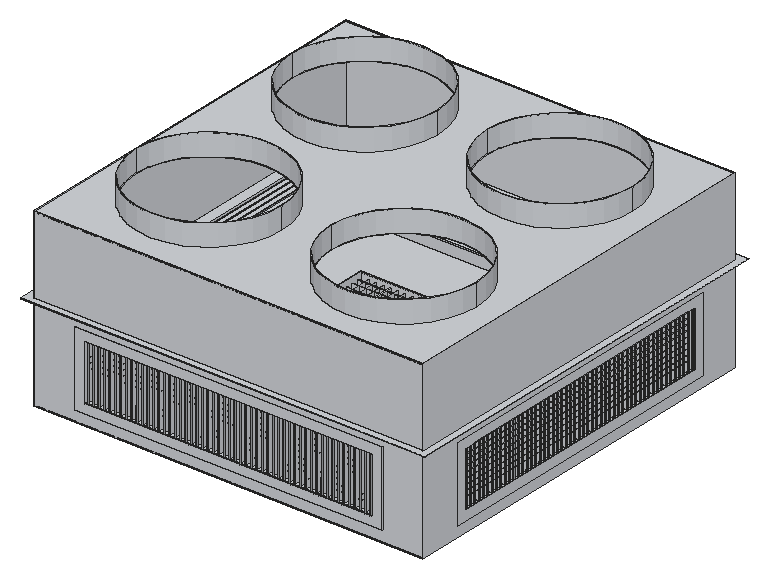
Revit family "model CO-60 diffuser", category Mechanical Equipment, Revit 2015
Parameters
  height [instance] = 2' - 0"
  Width = 4' - 5 3/4"
  Length = 4' - 5 3/4"
Reference planes (in)
  plane 1 "Center (Front/Back)": y = 0
  plane 2: z = 0
  plane 3 "Center (Left/Right)": x = 0
  plane 4: y = 26.875
  plane 5: y = -26.875
  plane 6: x = -26.875
  plane 7: x = 26.875
  plane 8: z = -12
  plane 9: z = 12
  plane 10: x = -26.8272
  plane 11: y = -26.8272
  plane 12: x = 26.8272
  plane 13: y = 26.8272
  plane 14: z = 11.9522
  plane 15: x = -27.875
  plane 16: y = -27.875
  plane 17: x = 27.875
  plane 18: y = 27.875
  plane 19: z = -11.9522
  plane 20: z = 15
  plane 21: z = 1.375
  plane 22: z = 1.3272
  plane 23: z = -1.3125
  plane 24: y = 16
  plane 25: y = -16
  plane 26: x = -16
  plane 27: x = 16
  plane 28: y = 13.4375
  plane 29: y = -13.4375
  plane 30: x = -13.4375
  plane 31: x = 13.4375
Forms (in)
  Extrusion 1, solid
    sketch origin (0, 0, 0) x (1, 0, 0) y (0, 1, 0)
      loop
        line (-26.875, 26.875) -> (-26.875, -26.875) -> (26.875, -26.875) -> (26.875, 26.875) -> (-26.875, 26.875)
    from 12 to 11.9522
  Extrusion 2, solid
    sketch origin (0, 0, 0) x (1, 0, 0) y (0, 1, 0)
      loop
        line (-26.875, 26.875) -> (-26.875, -26.875) -> (26.875, -26.875) -> (26.875, 26.875) -> (-26.875, 26.875)
      loop
        line (-26.8272, 26.8272) -> (-26.8272, -26.8272) -> (26.8272, -26.8272) -> (26.8272, 26.8272) -> (-26.8272, 26.8272)
    from 12 to -12
  Extrusion 3, solid
    sketch origin (0, 0, 0) x (1, 0, 0) y (0, 1, 0)
      loop
        line (-27.875, 27.875) -> (-27.875, -27.875) -> (27.875, -27.875) -> (27.875, 27.875) -> (-27.875, 27.875)
      loop
        line (26.875, -26.875) -> (26.875, 26.875) -> (-26.875, 26.875) -> (-26.875, -26.875) -> (26.875, -26.875)
    from 1.375 to 1.3272
  Extrusion 4, solid
    sketch origin (0, 0, 0) x (1, 0, 0) y (0, 1, 0)
      loop
        line (-26.875, 26.875) -> (-26.875, -26.875) -> (26.875, -26.875) -> (26.875, 26.875) -> (-26.875, 26.875)
    from -11.9522 to -12
  Extrusion 5, void
    sketch origin (0, 0, -1.81157) x (0, 1, 0) y (0, 0, 1)
      loop
        line (21, 0.49908) -> (-21, 0.49908) -> (-21, -7.50092) -> (21, -7.50092) -> (21, 0.49908)
    from -32.01831 to 50
  Extrusion 6, void
    sketch origin (0, 0, -1.81595) x (1, 0, 0) y (0, 0, 1)
      loop
        line (-21, 0.49907) -> (-21, -7.50092) -> (21, -7.50092) -> (21, 0.49907) -> (-21, 0.49907)
    from -34.79944 to 50
  Extrusion 7, void
    sketch origin (0, 0, 0) x (1, 0, 0) y (0, 1, 0)
      loop
        line (-16, 16) -> (-16, -16) -> (16, -16) -> (16, 16) -> (-16, 16)
    from 6 to -12
  Extrusion 8, void
    sketch origin (0, 0, 0) x (1, 0, 0) y (0, 1, 0)
      loop
        circle (-13.4375, -13.4375) r 10
    from 0 to 24
  Extrusion 9, void
    sketch origin (0, 26.875, 0) x (1, 0, 0) y (0, 1, 0)
      loop
        circle (-13.4375, -13.4375) r 10
    from 0 to 24
  Extrusion 10, void
    sketch origin (26.875, 26.875, 0) x (1, 0, 0) y (0, 1, 0)
      loop
        circle (-13.4375, -13.4375) r 10
    from 0 to 24
  Extrusion 11, void
    sketch origin (26.875, 0, 0) x (1, 0, 0) y (0, 1, 0)
      loop
        circle (-13.4375, -13.4375) r 10
    from 0 to 24
  Extrusion 12, solid
    sketch origin (0, 0, 0) x (1, 0, 0) y (0, 1, 0)
      loop
        circle (-13.4375, -13.4375) r 10
      loop
        circle (-13.4375, -13.4375) r 10.0478
    from 12 to 15
  Extrusion 13, solid
    sketch origin (0, 26.875, 0) x (1, 0, 0) y (0, 1, 0)
      loop
        circle (-13.4375, -13.4375) r 10
      loop
        circle (-13.4375, -13.4375) r 10.0478
    from 12 to 15
  Extrusion 14, solid
    sketch origin (26.875, 26.875, 0) x (1, 0, 0) y (0, 1, 0)
      loop
        circle (-13.4375, -13.4375) r 10
      loop
        circle (-13.4375, -13.4375) r 10.0478
    from 12 to 15
  Extrusion 15, solid
    sketch origin (26.875, 0, 0) x (1, 0, 0) y (0, 1, 0)
      loop
        circle (-13.4375, -13.4375) r 10
      loop
        circle (-13.4375, -13.4375) r 10.0478
    from 12 to 15
Cuts and joins
  Extrusion 5, Extrusion 6 cuts Extrusion 2
  Extrusion 7 cuts Extrusion 4
  Extrusion 8, Extrusion 9, Extrusion 10, Extrusion 11 cuts Extrusion 1
Dimensions and locks (in)
  equal spacing: plane 6, plane 3 "Center (Left/Right)", plane 7
  "Length": plane 6 to plane 7
  equal spacing: plane 4, plane 1 "Center (Front/Back)", plane 5
  "Width": plane 4 to plane 5
  locked: plane 6 to plane 10 at 0.0478
  locked: plane 12 to plane 7 at 0.0478
  locked: plane 11 to plane 5 at 0.0478
  locked: plane 13 to plane 4 at 0.0478
  equal spacing: plane 9, level, plane 8
  "height": plane 9 to plane 8
  locked: plane 9 to plane 14 at 0.0478
  locked: plane 5 to plane 16 at 1
  locked: plane 7 to plane 17 at 1
  locked: plane 18 to plane 4 at 1
  locked: plane 15 to plane 6 at 1
  locked: plane 19 to plane 8 at 0.0478
  locked: plane 20 to plane 9 at 3
  plane 10 to plane 3 "Center (Left/Right)" = 2' - 2.8272"
  plane 21 to plane 8 = 1' - 1 3/8"
  aligned and locked: level to plane 2
  aligned and locked: plane 4 to Extrusion 1
  aligned and locked: plane 6 to Extrusion 1
  aligned and locked: Extrusion 1 to plane 7
  aligned and locked: Extrusion 1 to plane 5
  aligned and locked: plane 9 to Extrusion 1
  aligned and locked: Extrusion 1 to plane 14
  aligned and locked: plane 9 to Extrusion 2
  aligned and locked: Extrusion 2 to plane 8
  aligned and locked: Extrusion 2 to plane 7
  aligned and locked: plane 4 to Extrusion 2
  aligned and locked: plane 13 to Extrusion 2
  aligned and locked: Extrusion 2 to plane 12
  aligned and locked: Extrusion 2 to plane 5
  aligned and locked: plane 6 to Extrusion 2
  aligned and locked: plane 10 to Extrusion 2
  aligned and locked: plane 11 to Extrusion 2
  aligned and locked: Extrusion 4 to plane 19
  aligned and locked: Extrusion 4 to plane 8
  aligned and locked: plane 6 to Extrusion 4
  aligned and locked: plane 4 to Extrusion 4
  aligned and locked: Extrusion 4 to plane 5
  aligned and locked: Extrusion 4 to plane 7
  aligned and locked: plane 6 to cut or joined group of Extrusion 2, Extrusion 5, Extrusion 6
  aligned and locked: plane 4 to cut or joined group of Extrusion 2, Extrusion 5, Extrusion 6
  aligned and locked: plane 18 to Extrusion 3
  aligned and locked: Extrusion 3 to plane 16
  aligned and locked: plane 21 to Extrusion 3
  aligned and locked: Extrusion 3 to plane 22
  aligned and locked: plane 20 to Extrusion 12
  aligned and locked: nested 1 to plane 1 "Center (Front/Back)"
  aligned and locked: plane 23 to nested 1
  aligned and locked: plane 23 to nested 2
  aligned and locked: nested 2 to plane 4
  aligned and locked: plane 3 "Center (Left/Right)" to nested 5
  aligned and locked: plane 8 to nested 5
Automatic sketch dimensions
  Extrusion 1 sketch curve to plane 5 = 0' - 0"
  Extrusion 1 sketch curve to plane 6 = 0' - 0"
  Extrusion 1 sketch curve to plane 7 = 0' - 0"
  Extrusion 1 sketch curve to plane 4 = 0' - 0"
  Extrusion 2 sketch curve to plane 5 = 0' - 0"
  Extrusion 2 sketch curve to plane 6 = 0' - 0"
  Extrusion 2 sketch curve to plane 10 = 0' - 0"
  Extrusion 2 sketch curve to plane 12 = 0' - 0"
  Extrusion 2 sketch curve to plane 4 = 0' - 0"
  Extrusion 2 sketch curve to plane 7 = 0' - 0"
  Extrusion 2 sketch curve to plane 11 = 0' - 0"
  plane 13 to Extrusion 2 sketch curve = 0' - 0"
  Extrusion 3 sketch curve to plane 15 = 0' - 0"
  Extrusion 3 sketch curve to plane 4 = 0' - 0"
  Extrusion 3 sketch curve to plane 6 = 0' - 0"
  Extrusion 3 sketch curve to plane 7 = 0' - 0"
  Extrusion 3 sketch curve to plane 16 = 0' - 0"
  Extrusion 3 sketch curve to plane 17 = 0' - 0"
  Extrusion 3 sketch curve to plane 5 = 0' - 0"
  Extrusion 3 sketch curve to plane 18 = 0' - 0"
  Extrusion 4 sketch curve to plane 5 = 0' - 0"
  Extrusion 4 sketch curve to plane 6 = 0' - 0"
  Extrusion 4 sketch curve to plane 7 = 0' - 0"
  Extrusion 4 sketch curve to plane 4 = 0' - 0"
  Extrusion 5 sketch curve to plane 23 = 0' - 0"
  Extrusion 5 sketch curve to plane 25 = 0' - 5"
  plane 24 to Extrusion 5 sketch curve = 0' - 5"
  plane 19 to Extrusion 5 sketch curve = 0' - 2.6397"
  Extrusion 6 sketch curve to plane 26 = 0' - 5"
  plane 27 to Extrusion 6 sketch curve = 0' - 5"
  plane 19 to Extrusion 6 sketch curve = 0' - 2.63533"
  Extrusion 6 sketch curve to plane 23 = 0' - 0.00437"
  Extrusion 7 sketch curve to plane 25 = 0' - 0"
  Extrusion 7 sketch curve to plane 26 = 0' - 0"
  Extrusion 7 sketch curve to plane 27 = 0' - 0"
  Extrusion 7 sketch curve to plane 24 = 0' - 0"
  Extrusion 8 sketch curve to plane 29 = 0' - 0"
  Extrusion 8 sketch curve to plane 30 = 0' - 0"
  Extrusion 9 sketch curve to plane 28 = 0' - 0"
  Extrusion 9 sketch curve to plane 30 = 0' - 0"
  Extrusion 10 sketch curve to plane 28 = 0' - 0"
  Extrusion 10 sketch curve to plane 31 = 0' - 0"
  Extrusion 11 sketch curve to plane 29 = 0' - 0"
  Extrusion 11 sketch curve to plane 31 = 0' - 0"
  Extrusion 12 sketch curve to Extrusion 12 sketch curve = 0' - 0"  (x2)
  Extrusion 12 sketch curve to plane 29 = 0' - 0"
  Extrusion 12 sketch curve to plane 30 = 0' - 0"
  Extrusion 13 sketch curve to Extrusion 13 sketch curve = 0' - 0"  (x2)
  Extrusion 13 sketch curve to plane 28 = 0' - 0"
  Extrusion 13 sketch curve to plane 30 = 0' - 0"
  Extrusion 14 sketch curve to Extrusion 14 sketch curve = 0' - 0"  (x2)
  Extrusion 14 sketch curve to plane 28 = 0' - 0"
  Extrusion 14 sketch curve to plane 31 = 0' - 0"
  Extrusion 15 sketch curve to Extrusion 15 sketch curve = 0' - 0"  (x2)
  Extrusion 15 sketch curve to plane 29 = 0' - 0"
  Extrusion 15 sketch curve to plane 31 = 0' - 0"
  radius of Extrusion 8 sketch curve = 0' - 10"
  radius of Extrusion 9 sketch curve = 0' - 10"
  radius of Extrusion 10 sketch curve = 0' - 10"
  radius of Extrusion 11 sketch curve = 0' - 10"
  radius of Extrusion 12 sketch curve = 0' - 10"
  radius of Extrusion 12 sketch curve = 0' - 10.0478"
  radius of Extrusion 13 sketch curve = 0' - 10"
  radius of Extrusion 13 sketch curve = 0' - 10.0478"
  radius of Extrusion 14 sketch curve = 0' - 10"
  radius of Extrusion 14 sketch curve = 0' - 10.0478"
  radius of Extrusion 15 sketch curve = 0' - 10"
  radius of Extrusion 15 sketch curve = 0' - 10.0478"
Nested families (in)
  nested 1: "Double Diffuser Grille 5" at (25.25, 0, -5.3125) x (0, 1, 0) z (0, 0, 1), type "Double Diffuser Grille 5"
    with Vert. Spacing 0' - 0 3/4", Vert. Number 27, Vert. Blade Height 0' - 7 5/8", Horiz. Spacing 0' - 0 3/4", Horiz. Number 5, Horiz. Blade Width 3' - 3 5/8"
  nested 2: "Double Diffuser Grille 5" at (0.125, 25.25, -5.3125) x (-1, 0, 0) z (0, 0, 1), type "Double Diffuser Grille 5"
    with Vert. Spacing 0' - 0 3/4", Vert. Number 27, Vert. Blade Height 0' - 7 5/8", Horiz. Spacing 0' - 0 3/4", Horiz. Number 5, Horiz. Blade Width 3' - 3 5/8"
  nested 3: "Double Diffuser Grille 5" at (-25.25, 0, -5.3125) x (0, 1, 0) z (0, 0, 1), type "Double Diffuser Grille 5"
    with Vert. Spacing 0' - 0 3/4", Vert. Number 27, Vert. Blade Height 0' - 7 5/8", Horiz. Spacing 0' - 0 3/4", Horiz. Number 5, Horiz. Blade Width 3' - 3 5/8"
  nested 4: "Double Diffuser Grille 5" at (0.125, -25.25, -5.3125) x (-1, 0, 0) z (0, 0, 1), type "Double Diffuser Grille 5"
    with Vert. Spacing 0' - 0 3/4", Vert. Number 27, Vert. Blade Height 0' - 7 5/8", Horiz. Spacing 0' - 0 3/4", Horiz. Number 5, Horiz. Blade Width 3' - 3 5/8"
  nested 5: "egg crate grille 5" at (0, 0, -10.375) x (1, 0, 0) z (0, -1, 0), type "egg crate grille 5"
    with Vert. Spacing 0' - 0 3/4", Vert. Number 31, Vert. Blade Height 2' - 7 5/8", Horiz. Spacing 0' - 0 3/4", Horiz. Number 31, Horiz. Blade Width 2' - 7 5/8"
Definition of nested family "Double Diffuser Grille 5"
  Parameters (values of type "Double Diffuser Grille 5")
    Vert. Spacing [instance] = 0' - 0 3/4"
    Vert. Number [instance] = ((Grille Width - 0' 0 1/4") / 0' 0 3/4") / 2  # 27
    Vert. Blade Height [instance] = Grille Height - 0' 0 3/8"  # 0' - 7 5/8"
    Horiz. Spacing [instance] = 0' - 0 3/4"
    Horiz. Number [instance] = ((Grille Height - 0' 0 1/4") / 0' 0 3/4") / 2  # 5
    Horiz. Blade Width [instance] = Grille Width - 0' 0 3/8"  # 3' - 3 5/8"
    Grille Width = 3' - 4"
    Grille Height = 0' - 8"
  Reference planes (in)
    plane 1 "Center (Front/Back)": y = 0
    plane 2: z = 0
    plane 3 "Center (Left/Right)": x = 0
    plane 4: y = -1.75
    plane 5: y = -1.625
    plane 6: x = -20
    plane 7: x = 20
    plane 8: z = -4
    plane 9: z = 4
    plane 10: x = -19.875
    plane 11: z = 3.875
    plane 12: z = -3.875
    plane 13: x = 19.875
    plane 14: x = 21.125
    plane 15: z = -5.125
    plane 16: z = 5.125
    plane 17: x = -21.125
    plane 18: y = -0.8125
  Forms (in)
    Extrusion 1, solid
      sketch origin (0, 0, 0) x (1, 0, 0) y (0, 0, 1)
        loop
          line (-20, -4) -> (20, -4) -> (20, 4) -> (-20, 4) -> (-20, -4)
        loop
          line (-19.875, -3.875) -> (19.875, -3.875) -> (19.875, 3.875) -> (-19.875, 3.875) -> (-19.875, -3.875)
      from 0 to 1.625
    Extrusion 2, solid
      sketch origin (0, 0, 0) x (1, 0, 0) y (0, 0, 1)
        loop
          line (-21.125, -5.125) -> (21.125, -5.125) -> (21.125, 5.125) -> (-21.125, 5.125) -> (-21.125, -5.125)
        loop
          line (-19.875, -3.875) -> (19.875, -3.875) -> (19.875, 3.875) -> (-19.875, 3.875) -> (-19.875, -3.875)
      from 1.625 to 1.75
  Dimensions and locks (in)
    locked: plane 5 to plane 4 at 0.125
    locked: plane 1 "Center (Front/Back)" to plane 5 at 1.625
    equal spacing: plane 9, level, plane 8
    "Grille Height": plane 9 to plane 8
    equal spacing: plane 6, plane 3 "Center (Left/Right)", plane 7
    "Grille Width": plane 6 to plane 7
    locked: plane 9 to plane 11 at 0.125
    locked: plane 12 to plane 8 at 0.125
    locked: plane 6 to plane 10 at 0.125
    locked: plane 7 to plane 13 at 0.125
    locked: plane 16 to plane 9 at 1.125
    locked: plane 8 to plane 15 at 1.125
    locked: plane 6 to plane 17 at 1.125
    locked: plane 14 to plane 7 at 1.125
    locked: plane 1 "Center (Front/Back)" to plane 18 at 0.8125
    equal spacing: group 1, group 2, group 4, group 5, group 6, group 7, group 8, group 9, group 10, group 11, group 12, group 13, group 29, group 30, group 31, group 32, group 37, group 38, group 39, group 40, group 41, group 42, group 43, group 44, group 45, group 46, group 47  (x3)
    "Vert. Spacing": nested 1 to nested 3
    equal spacing: group 58, group 57, group 56, group 55, group 54, group 53, group 52, group 51, group 50, group 49, group 48, group 36, group 35, group 34, group 33, group 23, group 22, group 21, group 20, group 19, group 18, group 17, group 16, group 15, group 14, group 3, group 1
    equal spacing: group 1, group 3, group 14, group 15, group 16, group 17, group 18, group 19, group 20, group 21, group 22, group 23, group 33, group 34, group 35, group 36, group 48, group 49, group 50, group 51, group 52, group 53, group 54, group 55, group 56, group 57, group 58  (x2)
    "Vert. Spacing": nested 4 to nested 1
    equal spacing: group 24, group 25, group 27, group 59, group 60  (x3)
    "Horiz. Spacing": nested 25 to nested 2
    equal spacing: group 24, group 26, group 28, group 61, group 62  (x2)
    equal spacing: group 62, group 61, group 28, group 26, group 24
    "Horiz. Spacing": nested 2 to nested 26
    aligned and locked: level to plane 2
    aligned and locked: plane 6 to Extrusion 1 sketch curve
    aligned and locked: plane 9 to Extrusion 1 sketch curve
    aligned and locked: Extrusion 1 sketch curve to plane 8
    aligned and locked: plane 7 to Extrusion 1 sketch curve
    aligned and locked: plane 13 to Extrusion 1 sketch curve
    aligned and locked: plane 12 to Extrusion 1 sketch curve
    aligned and locked: plane 10 to Extrusion 1 sketch curve
    aligned and locked: plane 11 to Extrusion 1 sketch curve
    aligned and locked: Extrusion 1 to plane 1 "Center (Front/Back)"
    aligned and locked: Extrusion 1 to plane 5
    aligned and locked: Extrusion 2 sketch curve to plane 17
    aligned and locked: Extrusion 2 sketch curve to plane 16
    aligned and locked: Extrusion 2 sketch curve to plane 14
    aligned and locked: plane 15 to Extrusion 2 sketch curve
    aligned and locked: plane 12 to Extrusion 2 sketch curve
    aligned and locked: plane 13 to Extrusion 2 sketch curve
    aligned and locked: plane 11 to Extrusion 2 sketch curve
    aligned and locked: plane 10 to Extrusion 2 sketch curve
    aligned and locked: plane 5 to Extrusion 2
    aligned and locked: Extrusion 2 to plane 4
    aligned and locked: nested 1 to plane 5
    aligned and locked: nested 1 to plane 3 "Center (Left/Right)"
    aligned and locked: nested 2 to plane 18
    aligned and locked: plane 3 "Center (Left/Right)" to nested 2
  Nested families (in)
    nested 1: "Vertical Blade" at (-0.08237, -1.625, 0), type "Vertical Blade"
      with H 0' - 7 5/8"
    nested 2: "Horizontal Blade" at (0, -0.8125, 0), type "Horizontal Blade"
      with L 3' - 3 5/8"
    nested 3: "Vertical Blade" at (0.66763, -1.625, 0), type "Vertical Blade"
      with H 0' - 7 5/8"
    nested 4: "Vertical Blade" at (-0.83237, -1.625, 0), type "Vertical Blade"
      with H 0' - 7 5/8"
    nested 5: "Vertical Blade" at (1.41763, -1.625, 0), type "Vertical Blade"
      with H 0' - 7 5/8"
    nested 6: "Vertical Blade" at (2.16763, -1.625, 0), type "Vertical Blade"
      with H 0' - 7 5/8"
    nested 7: "Vertical Blade" at (2.91763, -1.625, 0), type "Vertical Blade"
      with H 0' - 7 5/8"
    nested 8: "Vertical Blade" at (3.66763, -1.625, 0), type "Vertical Blade"
      with H 0' - 7 5/8"
    nested 9: "Vertical Blade" at (4.41763, -1.625, 0), type "Vertical Blade"
      with H 0' - 7 5/8"
    nested 10: "Vertical Blade" at (5.16763, -1.625, 0), type "Vertical Blade"
      with H 0' - 7 5/8"
    nested 11: "Vertical Blade" at (5.91763, -1.625, 0), type "Vertical Blade"
      with H 0' - 7 5/8"
    nested 12: "Vertical Blade" at (6.66763, -1.625, 0), type "Vertical Blade"
      with H 0' - 7 5/8"
    nested 13: "Vertical Blade" at (7.41763, -1.625, 0), type "Vertical Blade"
      with H 0' - 7 5/8"
    nested 14: "Vertical Blade" at (8.16763, -1.625, 0), type "Vertical Blade"
      with H 0' - 7 5/8"
    nested 15: "Vertical Blade" at (-1.58237, -1.625, 0), type "Vertical Blade"
      with H 0' - 7 5/8"
    nested 16: "Vertical Blade" at (-2.33237, -1.625, 0), type "Vertical Blade"
      with H 0' - 7 5/8"
    nested 17: "Vertical Blade" at (-3.08237, -1.625, 0), type "Vertical Blade"
      with H 0' - 7 5/8"
    nested 18: "Vertical Blade" at (-3.83237, -1.625, 0), type "Vertical Blade"
      with H 0' - 7 5/8"
    nested 19: "Vertical Blade" at (-4.58237, -1.625, 0), type "Vertical Blade"
      with H 0' - 7 5/8"
    nested 20: "Vertical Blade" at (-5.33237, -1.625, 0), type "Vertical Blade"
      with H 0' - 7 5/8"
    nested 21: "Vertical Blade" at (-6.08237, -1.625, 0), type "Vertical Blade"
      with H 0' - 7 5/8"
    nested 22: "Vertical Blade" at (-6.83237, -1.625, 0), type "Vertical Blade"
      with H 0' - 7 5/8"
    nested 23: "Vertical Blade" at (-7.58237, -1.625, 0), type "Vertical Blade"
      with H 0' - 7 5/8"
    nested 24: "Vertical Blade" at (-8.33237, -1.625, 0), type "Vertical Blade"
      with H 0' - 7 5/8"
    nested 25: "Horizontal Blade" at (0, -0.8125, 0.75), type "Horizontal Blade"
      with L 3' - 3 5/8"
    nested 26: "Horizontal Blade" at (0, -0.8125, -0.75), type "Horizontal Blade"
      with L 3' - 3 5/8"
    nested 27: "Horizontal Blade" at (0, -0.8125, 1.5), type "Horizontal Blade"
      with L 3' - 3 5/8"
    nested 28: "Horizontal Blade" at (0, -0.8125, -1.5), type "Horizontal Blade"
      with L 3' - 3 5/8"
    nested 29: "Vertical Blade" at (8.91763, -1.625, 0), type "Vertical Blade"
      with H 0' - 7 5/8"
    nested 30: "Vertical Blade" at (9.66763, -1.625, 0), type "Vertical Blade"
      with H 0' - 7 5/8"
    nested 31: "Vertical Blade" at (10.41763, -1.625, 0), type "Vertical Blade"
      with H 0' - 7 5/8"
    nested 32: "Vertical Blade" at (11.16763, -1.625, 0), type "Vertical Blade"
      with H 0' - 7 5/8"
    nested 33: "Vertical Blade" at (-9.08237, -1.625, 0), type "Vertical Blade"
      with H 0' - 7 5/8"
    nested 34: "Vertical Blade" at (-9.83237, -1.625, 0), type "Vertical Blade"
      with H 0' - 7 5/8"
    nested 35: "Vertical Blade" at (-10.58237, -1.625, 0), type "Vertical Blade"
      with H 0' - 7 5/8"
    nested 36: "Vertical Blade" at (-11.33237, -1.625, 0), type "Vertical Blade"
      with H 0' - 7 5/8"
    nested 37: "Vertical Blade" at (11.91763, -1.625, 0), type "Vertical Blade"
      with H 0' - 7 5/8"
    nested 38: "Vertical Blade" at (12.66763, -1.625, 0), type "Vertical Blade"
      with H 0' - 7 5/8"
    nested 39: "Vertical Blade" at (13.41763, -1.625, 0), type "Vertical Blade"
      with H 0' - 7 5/8"
    nested 40: "Vertical Blade" at (14.16763, -1.625, 0), type "Vertical Blade"
      with H 0' - 7 5/8"
    nested 41: "Vertical Blade" at (14.91763, -1.625, 0), type "Vertical Blade"
      with H 0' - 7 5/8"
    nested 42: "Vertical Blade" at (15.66763, -1.625, 0), type "Vertical Blade"
      with H 0' - 7 5/8"
    nested 43: "Vertical Blade" at (16.41763, -1.625, 0), type "Vertical Blade"
      with H 0' - 7 5/8"
    nested 44: "Vertical Blade" at (17.16763, -1.625, 0), type "Vertical Blade"
      with H 0' - 7 5/8"
    nested 45: "Vertical Blade" at (17.91763, -1.625, 0), type "Vertical Blade"
      with H 0' - 7 5/8"
    nested 46: "Vertical Blade" at (18.66763, -1.625, 0), type "Vertical Blade"
      with H 0' - 7 5/8"
    nested 47: "Vertical Blade" at (19.41763, -1.625, 0), type "Vertical Blade"
      with H 0' - 7 5/8"
    nested 48: "Vertical Blade" at (-12.08237, -1.625, 0), type "Vertical Blade"
      with H 0' - 7 5/8"
    nested 49: "Vertical Blade" at (-12.83237, -1.625, 0), type "Vertical Blade"
      with H 0' - 7 5/8"
    nested 50: "Vertical Blade" at (-13.58237, -1.625, 0), type "Vertical Blade"
      with H 0' - 7 5/8"
    nested 51: "Vertical Blade" at (-14.33237, -1.625, 0), type "Vertical Blade"
      with H 0' - 7 5/8"
    nested 52: "Vertical Blade" at (-15.08237, -1.625, 0), type "Vertical Blade"
      with H 0' - 7 5/8"
    nested 53: "Vertical Blade" at (-15.83237, -1.625, 0), type "Vertical Blade"
      with H 0' - 7 5/8"
    nested 54: "Vertical Blade" at (-16.58237, -1.625, 0), type "Vertical Blade"
      with H 0' - 7 5/8"
    nested 55: "Vertical Blade" at (-17.33237, -1.625, 0), type "Vertical Blade"
      with H 0' - 7 5/8"
    nested 56: "Vertical Blade" at (-18.08237, -1.625, 0), type "Vertical Blade"
      with H 0' - 7 5/8"
    nested 57: "Vertical Blade" at (-18.83237, -1.625, 0), type "Vertical Blade"
      with H 0' - 7 5/8"
    nested 58: "Vertical Blade" at (-19.58237, -1.625, 0), type "Vertical Blade"
      with H 0' - 7 5/8"
    nested 59: "Horizontal Blade" at (0, -0.8125, 2.25), type "Horizontal Blade"
      with L 3' - 3 5/8"
    nested 60: "Horizontal Blade" at (0, -0.8125, 3), type "Horizontal Blade"
      with L 3' - 3 5/8"
    nested 61: "Horizontal Blade" at (0, -0.8125, -2.25), type "Horizontal Blade"
      with L 3' - 3 5/8"
    nested 62: "Horizontal Blade" at (0, -0.8125, -3), type "Horizontal Blade"
      with L 3' - 3 5/8"
  Definition of nested family "Vertical Blade"
    Parameters (values of type "Vertical Blade")
      H = 2' - 0"
    Reference planes (in)
      plane 1 "Center (Front/Back)": y = 0
      plane 2: z = 0
      plane 3 "Center (Left/Right)": x = 0
      plane 4: z = 12
      plane 5: z = -12
    Forms (in)
      Extrusion 1, solid
        sketch origin (0, -0.05958, 0) x (1, 0, 0) y (0, 1, 0)
          loop
            arc (0.08237, 0.17216) -> (0.04492, 0.11716) -> (0.07825, 0.05958) r 0.0625
            line (0.07825, 0.05958) -> (0.1365, 0.05958)
            arc (0.1365, 0.05958) -> (0.16983, 0.11716) -> (0.13237, 0.17216) r 0.0625
            line (0.13237, 0.17216) -> (0.13237, 0.80238) -> (0.08237, 0.80238) -> (0.08237, 0.17216)
        from -12 to 12
    Dimensions and locks (in)
      equal spacing: plane 4, level, plane 5
      "H": plane 4 to plane 5
      aligned and locked: level to plane 2
      aligned and locked: plane 4 to Extrusion 1
      aligned and locked: Extrusion 1 to plane 5
    Automatic sketch dimensions
      Extrusion 1 sketch curve to Extrusion 1 sketch curve = 0' - 0"  (x2)
      plane 1 "Center (Front/Back)" to Extrusion 1 sketch curve = 0' - 0"
      plane 3 "Center (Left/Right)" to Extrusion 1 sketch curve = 0' - 0.07825"
      plane 3 "Center (Left/Right)" to Extrusion 1 sketch curve = 0' - 0.08237"
      Extrusion 1 sketch curve to Extrusion 1 sketch curve = 0' - 0.02912"
      Extrusion 1 sketch curve to Extrusion 1 sketch curve = 0' - 0.05"
      Extrusion 1 sketch curve to Extrusion 1 sketch curve = 0' - 0.05825"
      Extrusion 1 sketch curve to plane 1 "Center (Front/Back)" = 0' - 0.0553"
      Extrusion 1 sketch curve to Extrusion 1 sketch curve = 0' - 0.63022"
  Definition of nested family "Horizontal Blade"
    Parameters (values of type "Horizontal Blade")
      L = 3' - 0"
    Reference planes (in)
      plane 1 "Center (Front/Back)": y = 0
      plane 2: z = 0
      plane 3 "Center (Left/Right)": x = 0
      plane 4: x = -18
      plane 5: x = 18
    Forms (in)
      Extrusion 1, solid
        sketch origin (0.10737, -0.05958, -0.10737) x (0, 0, 1) y (0, 1, 0)
          loop
            arc (0.08237, 0.17216) -> (0.04492, 0.11716) -> (0.07825, 0.05958) r 0.0625
            line (0.07825, 0.05958) -> (0.1365, 0.05958)
            arc (0.1365, 0.05958) -> (0.16983, 0.11716) -> (0.13237, 0.17216) r 0.0625
            line (0.13237, 0.17216) -> (0.13237, 0.80238) -> (0.08237, 0.80238) -> (0.08237, 0.17216)
        from -17.89263 to 18.10737
    Dimensions and locks (in)
      equal spacing: plane 4, plane 3 "Center (Left/Right)", plane 5
      "L": plane 4 to plane 5
      aligned and locked: level to plane 2
      aligned and locked: plane 4 to Extrusion 1
      aligned and locked: plane 5 to Extrusion 1
    Automatic sketch dimensions
      Extrusion 1 sketch curve to Extrusion 1 sketch curve = 0' - 0"  (x2)
      Extrusion 1 sketch curve to plane 1 "Center (Front/Back)" = 0' - 0"
      Extrusion 1 sketch curve to level = 0' - 0"
      Extrusion 1 sketch curve to level = 0' - 0.025"
      Extrusion 1 sketch curve to level = 0' - 0.02912"
      level to Extrusion 1 sketch curve = 0' - 0.025"
      level to Extrusion 1 sketch curve = 0' - 0.02912"
      Extrusion 1 sketch curve to plane 1 "Center (Front/Back)" = 0' - 0.0553"
      Extrusion 1 sketch curve to Extrusion 1 sketch curve = 0' - 0.63022"
Definition of nested family "egg crate grille 5"
  Parameters (values of type "egg crate grille 5")
    Vert. Spacing [instance] = 0' - 0 3/4"
    Vert. Number [instance] = ((Grille Width - 0' 0 11/16") / 0' 1")  # 31
    Vert. Blade Height [instance] = Grille Height - 0' 0 3/8"  # 2' - 7 5/8"
    Horiz. Spacing [instance] = 0' - 0 3/4"
    Horiz. Number [instance] = ((Grille Height - 0' 0 5/8") / 0' 1")  # 31
    Horiz. Blade Width [instance] = Grille Width - 0' 0 3/8"  # 2' - 7 5/8"
    Grille Width = 2' - 8"
    Grille Height = 2' - 8"
  Reference planes (in)
    plane 1 "Center (Front/Back)": y = 0
    plane 2: z = 0
    plane 3 "Center (Left/Right)": x = 0
    plane 4: y = -1.75
    plane 5: y = -1.625
    plane 6: x = -16
    plane 7: x = 16
    plane 8: z = -16
    plane 9: z = 16
    plane 10: x = -15.875
    plane 11: z = 15.875
    plane 12: z = -15.875
    plane 13: x = 15.875
    plane 14: x = 17.125
    plane 15: z = -17.125
    plane 16: z = 17.125
    plane 17: x = -17.125
    plane 18: y = -0.625
    plane 19: x = -14.875
    plane 20: z = 14.875
    plane 21: x = -14.8125
    plane 22: z = 14.8125
  Forms (in)
    Extrusion 1, solid
      sketch origin (0, 0, 0) x (1, 0, 0) y (0, 0, 1)
        loop
          line (-16, -16) -> (16, -16) -> (16, 16) -> (-16, 16) -> (-16, -16)
        loop
          line (-15.875, -15.875) -> (15.875, -15.875) -> (15.875, 15.875) -> (-15.875, 15.875) -> (-15.875, -15.875)
      from 0 to 1.625
    Extrusion 2, solid
      sketch origin (0, 0, 0) x (1, 0, 0) y (0, 0, 1)
        loop
          line (-17.125, -17.125) -> (17.125, -17.125) -> (17.125, 17.125) -> (-17.125, 17.125) -> (-17.125, -17.125)
        loop
          line (-15.875, -15.875) -> (15.875, -15.875) -> (15.875, 15.875) -> (-15.875, 15.875) -> (-15.875, -15.875)
      from 1.625 to 1.75
    Extrusion 3, solid
      sketch origin (0, 0, 0) x (1, 0, 0) y (0, 1, 0)
        loop
          line (-14.875, -1.75) -> (-14.8125, -1.75) -> (-14.8125, -0.625) -> (-14.875, -0.625) -> (-14.875, -1.75)
      from -15.875 to 15.875
    Extrusion 4, solid
      sketch origin (1, 0, 0) x (1, 0, 0) y (0, 1, 0)
        loop
          line (-14.875, -1.75) -> (-14.8125, -1.75) -> (-14.8125, -0.625) -> (-14.875, -0.625) -> (-14.875, -1.75)
      from -15.875 to 15.875
    Extrusion 5, solid
      sketch origin (2, 0, 0) x (1, 0, 0) y (0, 1, 0)
        loop
          line (-14.875, -1.75) -> (-14.8125, -1.75) -> (-14.8125, -0.625) -> (-14.875, -0.625) -> (-14.875, -1.75)
      from -15.875 to 15.875
    Extrusion 6, solid
      sketch origin (3, 0, 0) x (1, 0, 0) y (0, 1, 0)
        loop
          line (-14.875, -1.75) -> (-14.8125, -1.75) -> (-14.8125, -0.625) -> (-14.875, -0.625) -> (-14.875, -1.75)
      from -15.875 to 15.875
    Extrusion 7, solid
      sketch origin (4, 0, 0) x (1, 0, 0) y (0, 1, 0)
        loop
          line (-14.875, -1.75) -> (-14.8125, -1.75) -> (-14.8125, -0.625) -> (-14.875, -0.625) -> (-14.875, -1.75)
      from -15.875 to 15.875
    Extrusion 8, solid
      sketch origin (5, 0, 0) x (1, 0, 0) y (0, 1, 0)
        loop
          line (-14.875, -1.75) -> (-14.8125, -1.75) -> (-14.8125, -0.625) -> (-14.875, -0.625) -> (-14.875, -1.75)
      from -15.875 to 15.875
    Extrusion 9, solid
      sketch origin (6, 0, 0) x (1, 0, 0) y (0, 1, 0)
        loop
          line (-14.875, -1.75) -> (-14.8125, -1.75) -> (-14.8125, -0.625) -> (-14.875, -0.625) -> (-14.875, -1.75)
      from -15.875 to 15.875
    Extrusion 10, solid
      sketch origin (7, 0, 0) x (1, 0, 0) y (0, 1, 0)
        loop
          line (-14.875, -1.75) -> (-14.8125, -1.75) -> (-14.8125, -0.625) -> (-14.875, -0.625) -> (-14.875, -1.75)
      from -15.875 to 15.875
    Extrusion 11, solid
      sketch origin (8, 0, 0) x (1, 0, 0) y (0, 1, 0)
        loop
          line (-14.875, -1.75) -> (-14.8125, -1.75) -> (-14.8125, -0.625) -> (-14.875, -0.625) -> (-14.875, -1.75)
      from -15.875 to 15.875
    Extrusion 12, solid
      sketch origin (9, 0, 0) x (1, 0, 0) y (0, 1, 0)
        loop
          line (-14.875, -1.75) -> (-14.8125, -1.75) -> (-14.8125, -0.625) -> (-14.875, -0.625) -> (-14.875, -1.75)
      from -15.875 to 15.875
    Extrusion 13, solid
      sketch origin (10, 0, 0) x (1, 0, 0) y (0, 1, 0)
        loop
          line (-14.875, -1.75) -> (-14.8125, -1.75) -> (-14.8125, -0.625) -> (-14.875, -0.625) -> (-14.875, -1.75)
      from -15.875 to 15.875
    Extrusion 14, solid
      sketch origin (11, 0, 0) x (1, 0, 0) y (0, 1, 0)
        loop
          line (-14.875, -1.75) -> (-14.8125, -1.75) -> (-14.8125, -0.625) -> (-14.875, -0.625) -> (-14.875, -1.75)
      from -15.875 to 15.875
    Extrusion 15, solid
      sketch origin (12, 0, 0) x (1, 0, 0) y (0, 1, 0)
        loop
          line (-14.875, -1.75) -> (-14.8125, -1.75) -> (-14.8125, -0.625) -> (-14.875, -0.625) -> (-14.875, -1.75)
      from -15.875 to 15.875
    Extrusion 16, solid
      sketch origin (13, 0, 0) x (1, 0, 0) y (0, 1, 0)
        loop
          line (-14.875, -1.75) -> (-14.8125, -1.75) -> (-14.8125, -0.625) -> (-14.875, -0.625) -> (-14.875, -1.75)
      from -15.875 to 15.875
    Extrusion 17, solid
      sketch origin (14, 0, 0) x (1, 0, 0) y (0, 1, 0)
        loop
          line (-14.875, -1.75) -> (-14.8125, -1.75) -> (-14.8125, -0.625) -> (-14.875, -0.625) -> (-14.875, -1.75)
      from -15.875 to 15.875
    Extrusion 18, solid
      sketch origin (15, 0, 0) x (1, 0, 0) y (0, 1, 0)
        loop
          line (-14.875, -1.75) -> (-14.8125, -1.75) -> (-14.8125, -0.625) -> (-14.875, -0.625) -> (-14.875, -1.75)
      from -15.875 to 15.875
    Extrusion 19, solid
      sketch origin (16, 0, 0) x (1, 0, 0) y (0, 1, 0)
        loop
          line (-14.875, -1.75) -> (-14.8125, -1.75) -> (-14.8125, -0.625) -> (-14.875, -0.625) -> (-14.875, -1.75)
      from -15.875 to 15.875
    Extrusion 20, solid
      sketch origin (17, 0, 0) x (1, 0, 0) y (0, 1, 0)
        loop
          line (-14.875, -1.75) -> (-14.8125, -1.75) -> (-14.8125, -0.625) -> (-14.875, -0.625) -> (-14.875, -1.75)
      from -15.875 to 15.875
    Extrusion 21, solid
      sketch origin (18, 0, 0) x (1, 0, 0) y (0, 1, 0)
        loop
          line (-14.875, -1.75) -> (-14.8125, -1.75) -> (-14.8125, -0.625) -> (-14.875, -0.625) -> (-14.875, -1.75)
      from -15.875 to 15.875
    Extrusion 22, solid
      sketch origin (19, 0, 0) x (1, 0, 0) y (0, 1, 0)
        loop
          line (-14.875, -1.75) -> (-14.8125, -1.75) -> (-14.8125, -0.625) -> (-14.875, -0.625) -> (-14.875, -1.75)
      from -15.875 to 15.875
    Extrusion 23, solid
      sketch origin (20, 0, 0) x (1, 0, 0) y (0, 1, 0)
        loop
          line (-14.875, -1.75) -> (-14.8125, -1.75) -> (-14.8125, -0.625) -> (-14.875, -0.625) -> (-14.875, -1.75)
      from -15.875 to 15.875
    Extrusion 24, solid
      sketch origin (21, 0, 0) x (1, 0, 0) y (0, 1, 0)
        loop
          line (-14.875, -1.75) -> (-14.8125, -1.75) -> (-14.8125, -0.625) -> (-14.875, -0.625) -> (-14.875, -1.75)
      from -15.875 to 15.875
    Extrusion 25, solid
      sketch origin (22, 0, 0) x (1, 0, 0) y (0, 1, 0)
        loop
          line (-14.875, -1.75) -> (-14.8125, -1.75) -> (-14.8125, -0.625) -> (-14.875, -0.625) -> (-14.875, -1.75)
      from -15.875 to 15.875
    Extrusion 26, solid
      sketch origin (23, 0, 0) x (1, 0, 0) y (0, 1, 0)
        loop
          line (-14.875, -1.75) -> (-14.8125, -1.75) -> (-14.8125, -0.625) -> (-14.875, -0.625) -> (-14.875, -1.75)
      from -15.875 to 15.875
    Extrusion 27, solid
      sketch origin (24, 0, 0) x (1, 0, 0) y (0, 1, 0)
        loop
          line (-14.875, -1.75) -> (-14.8125, -1.75) -> (-14.8125, -0.625) -> (-14.875, -0.625) -> (-14.875, -1.75)
      from -15.875 to 15.875
    Extrusion 28, solid
      sketch origin (25, 0, 0) x (1, 0, 0) y (0, 1, 0)
        loop
          line (-14.875, -1.75) -> (-14.8125, -1.75) -> (-14.8125, -0.625) -> (-14.875, -0.625) -> (-14.875, -1.75)
      from -15.875 to 15.875
    Extrusion 29, solid
      sketch origin (26, 0, 0) x (1, 0, 0) y (0, 1, 0)
        loop
          line (-14.875, -1.75) -> (-14.8125, -1.75) -> (-14.8125, -0.625) -> (-14.875, -0.625) -> (-14.875, -1.75)
      from -15.875 to 15.875
    Extrusion 30, solid
      sketch origin (27, 0, 0) x (1, 0, 0) y (0, 1, 0)
        loop
          line (-14.875, -1.75) -> (-14.8125, -1.75) -> (-14.8125, -0.625) -> (-14.875, -0.625) -> (-14.875, -1.75)
      from -15.875 to 15.875
    Extrusion 31, solid
      sketch origin (28, 0, 0) x (1, 0, 0) y (0, 1, 0)
        loop
          line (-14.875, -1.75) -> (-14.8125, -1.75) -> (-14.8125, -0.625) -> (-14.875, -0.625) -> (-14.875, -1.75)
      from -15.875 to 15.875
    Extrusion 32, solid
      sketch origin (29, 0, 0) x (1, 0, 0) y (0, 1, 0)
        loop
          line (-14.875, -1.75) -> (-14.8125, -1.75) -> (-14.8125, -0.625) -> (-14.875, -0.625) -> (-14.875, -1.75)
      from -15.875 to 15.875
    Extrusion 33, solid
      sketch origin (30, 0, 0) x (1, 0, 0) y (0, 1, 0)
        loop
          line (-14.875, -1.75) -> (-14.8125, -1.75) -> (-14.8125, -0.625) -> (-14.875, -0.625) -> (-14.875, -1.75)
      from -15.875 to 15.875
    Extrusion 34, solid
      sketch origin (0, 0, 0) x (0, 1, 0) y (0, 0, 1)
        loop
          line (-1.75, 14.875) -> (-1.75, 14.8125) -> (-0.625, 14.8125) -> (-0.625, 14.875) -> (-1.75, 14.875)
      from -15.875 to 15.875
    Extrusion 35, solid
      sketch origin (0, 0, -1) x (0, 1, 0) y (0, 0, 1)
        loop
          line (-1.75, 14.875) -> (-1.75, 14.8125) -> (-0.625, 14.8125) -> (-0.625, 14.875) -> (-1.75, 14.875)
      from -15.875 to 15.875
    Extrusion 36, solid
      sketch origin (0, 0, -2) x (0, 1, 0) y (0, 0, 1)
        loop
          line (-1.75, 14.875) -> (-1.75, 14.8125) -> (-0.625, 14.8125) -> (-0.625, 14.875) -> (-1.75, 14.875)
      from -15.875 to 15.875
    Extrusion 37, solid
      sketch origin (0, 0, -3) x (0, 1, 0) y (0, 0, 1)
        loop
          line (-1.75, 14.875) -> (-1.75, 14.8125) -> (-0.625, 14.8125) -> (-0.625, 14.875) -> (-1.75, 14.875)
      from -15.875 to 15.875
    Extrusion 38, solid
      sketch origin (0, 0, -4) x (0, 1, 0) y (0, 0, 1)
        loop
          line (-1.75, 14.875) -> (-1.75, 14.8125) -> (-0.625, 14.8125) -> (-0.625, 14.875) -> (-1.75, 14.875)
      from -15.875 to 15.875
    Extrusion 39, solid
      sketch origin (0, 0, -5) x (0, 1, 0) y (0, 0, 1)
        loop
          line (-1.75, 14.875) -> (-1.75, 14.8125) -> (-0.625, 14.8125) -> (-0.625, 14.875) -> (-1.75, 14.875)
      from -15.875 to 15.875
    Extrusion 40, solid
      sketch origin (0, 0, -6) x (0, 1, 0) y (0, 0, 1)
        loop
          line (-1.75, 14.875) -> (-1.75, 14.8125) -> (-0.625, 14.8125) -> (-0.625, 14.875) -> (-1.75, 14.875)
      from -15.875 to 15.875
    Extrusion 41, solid
      sketch origin (0, 0, -7) x (0, 1, 0) y (0, 0, 1)
        loop
          line (-1.75, 14.875) -> (-1.75, 14.8125) -> (-0.625, 14.8125) -> (-0.625, 14.875) -> (-1.75, 14.875)
      from -15.875 to 15.875
    Extrusion 42, solid
      sketch origin (0, 0, -8) x (0, 1, 0) y (0, 0, 1)
        loop
          line (-1.75, 14.875) -> (-1.75, 14.8125) -> (-0.625, 14.8125) -> (-0.625, 14.875) -> (-1.75, 14.875)
      from -15.875 to 15.875
    Extrusion 43, solid
      sketch origin (0, 0, -9) x (0, 1, 0) y (0, 0, 1)
        loop
          line (-1.75, 14.875) -> (-1.75, 14.8125) -> (-0.625, 14.8125) -> (-0.625, 14.875) -> (-1.75, 14.875)
      from -15.875 to 15.875
    Extrusion 44, solid
      sketch origin (0, 0, -10) x (0, 1, 0) y (0, 0, 1)
        loop
          line (-1.75, 14.875) -> (-1.75, 14.8125) -> (-0.625, 14.8125) -> (-0.625, 14.875) -> (-1.75, 14.875)
      from -15.875 to 15.875
    Extrusion 45, solid
      sketch origin (0, 0, -11) x (0, 1, 0) y (0, 0, 1)
        loop
          line (-1.75, 14.875) -> (-1.75, 14.8125) -> (-0.625, 14.8125) -> (-0.625, 14.875) -> (-1.75, 14.875)
      from -15.875 to 15.875
    Extrusion 46, solid
      sketch origin (0, 0, -12) x (0, 1, 0) y (0, 0, 1)
        loop
          line (-1.75, 14.875) -> (-1.75, 14.8125) -> (-0.625, 14.8125) -> (-0.625, 14.875) -> (-1.75, 14.875)
      from -15.875 to 15.875
    Extrusion 47, solid
      sketch origin (0, 0, -13) x (0, 1, 0) y (0, 0, 1)
        loop
          line (-1.75, 14.875) -> (-1.75, 14.8125) -> (-0.625, 14.8125) -> (-0.625, 14.875) -> (-1.75, 14.875)
      from -15.875 to 15.875
    Extrusion 48, solid
      sketch origin (0, 0, -14) x (0, 1, 0) y (0, 0, 1)
        loop
          line (-1.75, 14.875) -> (-1.75, 14.8125) -> (-0.625, 14.8125) -> (-0.625, 14.875) -> (-1.75, 14.875)
      from -15.875 to 15.875
    Extrusion 49, solid
      sketch origin (0, 0, -15) x (0, 1, 0) y (0, 0, 1)
        loop
          line (-1.75, 14.875) -> (-1.75, 14.8125) -> (-0.625, 14.8125) -> (-0.625, 14.875) -> (-1.75, 14.875)
      from -15.875 to 15.875
    Extrusion 50, solid
      sketch origin (0, 0, -16) x (0, 1, 0) y (0, 0, 1)
        loop
          line (-1.75, 14.875) -> (-1.75, 14.8125) -> (-0.625, 14.8125) -> (-0.625, 14.875) -> (-1.75, 14.875)
      from -15.875 to 15.875
    Extrusion 51, solid
      sketch origin (0, 0, -17) x (0, 1, 0) y (0, 0, 1)
        loop
          line (-1.75, 14.875) -> (-1.75, 14.8125) -> (-0.625, 14.8125) -> (-0.625, 14.875) -> (-1.75, 14.875)
      from -15.875 to 15.875
    Extrusion 52, solid
      sketch origin (0, 0, -18) x (0, 1, 0) y (0, 0, 1)
        loop
          line (-1.75, 14.875) -> (-1.75, 14.8125) -> (-0.625, 14.8125) -> (-0.625, 14.875) -> (-1.75, 14.875)
      from -15.875 to 15.875
    Extrusion 53, solid
      sketch origin (0, 0, -19) x (0, 1, 0) y (0, 0, 1)
        loop
          line (-1.75, 14.875) -> (-1.75, 14.8125) -> (-0.625, 14.8125) -> (-0.625, 14.875) -> (-1.75, 14.875)
      from -15.875 to 15.875
    Extrusion 54, solid
      sketch origin (0, 0, -20) x (0, 1, 0) y (0, 0, 1)
        loop
          line (-1.75, 14.875) -> (-1.75, 14.8125) -> (-0.625, 14.8125) -> (-0.625, 14.875) -> (-1.75, 14.875)
      from -15.875 to 15.875
    Extrusion 55, solid
      sketch origin (0, 0, -21) x (0, 1, 0) y (0, 0, 1)
        loop
          line (-1.75, 14.875) -> (-1.75, 14.8125) -> (-0.625, 14.8125) -> (-0.625, 14.875) -> (-1.75, 14.875)
      from -15.875 to 15.875
    Extrusion 56, solid
      sketch origin (0, 0, -22) x (0, 1, 0) y (0, 0, 1)
        loop
          line (-1.75, 14.875) -> (-1.75, 14.8125) -> (-0.625, 14.8125) -> (-0.625, 14.875) -> (-1.75, 14.875)
      from -15.875 to 15.875
    Extrusion 57, solid
      sketch origin (0, 0, -23) x (0, 1, 0) y (0, 0, 1)
        loop
          line (-1.75, 14.875) -> (-1.75, 14.8125) -> (-0.625, 14.8125) -> (-0.625, 14.875) -> (-1.75, 14.875)
      from -15.875 to 15.875
    Extrusion 58, solid
      sketch origin (0, 0, -24) x (0, 1, 0) y (0, 0, 1)
        loop
          line (-1.75, 14.875) -> (-1.75, 14.8125) -> (-0.625, 14.8125) -> (-0.625, 14.875) -> (-1.75, 14.875)
      from -15.875 to 15.875
    Extrusion 59, solid
      sketch origin (0, 0, -25) x (0, 1, 0) y (0, 0, 1)
        loop
          line (-1.75, 14.875) -> (-1.75, 14.8125) -> (-0.625, 14.8125) -> (-0.625, 14.875) -> (-1.75, 14.875)
      from -15.875 to 15.875
    Extrusion 60, solid
      sketch origin (0, 0, -26) x (0, 1, 0) y (0, 0, 1)
        loop
          line (-1.75, 14.875) -> (-1.75, 14.8125) -> (-0.625, 14.8125) -> (-0.625, 14.875) -> (-1.75, 14.875)
      from -15.875 to 15.875
    Extrusion 61, solid
      sketch origin (0, 0, -27) x (0, 1, 0) y (0, 0, 1)
        loop
          line (-1.75, 14.875) -> (-1.75, 14.8125) -> (-0.625, 14.8125) -> (-0.625, 14.875) -> (-1.75, 14.875)
      from -15.875 to 15.875
    Extrusion 62, solid
      sketch origin (0, 0, -28) x (0, 1, 0) y (0, 0, 1)
        loop
          line (-1.75, 14.875) -> (-1.75, 14.8125) -> (-0.625, 14.8125) -> (-0.625, 14.875) -> (-1.75, 14.875)
      from -15.875 to 15.875
    Extrusion 63, solid
      sketch origin (0, 0, -29) x (0, 1, 0) y (0, 0, 1)
        loop
          line (-1.75, 14.875) -> (-1.75, 14.8125) -> (-0.625, 14.8125) -> (-0.625, 14.875) -> (-1.75, 14.875)
      from -15.875 to 15.875
    Extrusion 64, solid
      sketch origin (0, 0, -30) x (0, 1, 0) y (0, 0, 1)
        loop
          line (-1.75, 14.875) -> (-1.75, 14.8125) -> (-0.625, 14.8125) -> (-0.625, 14.875) -> (-1.75, 14.875)
      from -15.875 to 15.875
  Dimensions and locks (in)
    locked: plane 5 to plane 4 at 0.125
    locked: plane 1 "Center (Front/Back)" to plane 5 at 1.625
    equal spacing: plane 9, level, plane 8
    "Grille Height": plane 9 to plane 8
    equal spacing: plane 6, plane 3 "Center (Left/Right)", plane 7
    "Grille Width": plane 6 to plane 7
    locked: plane 9 to plane 11 at 0.125
    locked: plane 12 to plane 8 at 0.125
    locked: plane 6 to plane 10 at 0.125
    locked: plane 7 to plane 13 at 0.125
    locked: plane 16 to plane 9 at 1.125
    locked: plane 8 to plane 15 at 1.125
    locked: plane 6 to plane 17 at 1.125
    locked: plane 14 to plane 7 at 1.125
    locked: plane 10 to plane 19 at 1
    locked: plane 18 to plane 5 at 1
    locked: plane 11 to plane 20 at 1
    equal spacing: group 1, group 2, group 3, group 4, group 5, group 6, group 7, group 8, group 9, group 10, group 11, group 12, group 13, group 14, group 15, group 16, group 17, group 18, group 19, group 20, group 21, group 22, group 23, group 24, group 25, group 26, group 27, group 28, group 29, group 30, group 31  (x3)
    equal spacing: group 32, group 33, group 34, group 35, group 36, group 37, group 38, group 39, group 40, group 41, group 42, group 43, group 44, group 45, group 46, group 47, group 48, group 49, group 50, group 51, group 52, group 53, group 54, group 55, group 56, group 57, group 58, group 59, group 60, group 61, group 62  (x2)
    equal spacing: group 62, group 61, group 60, group 59, group 58, group 57, group 56, group 55, group 54, group 53, group 52, group 51, group 50, group 49, group 48, group 47, group 46, group 45, group 44, group 43, group 42, group 41, group 40, group 39, group 38, group 37, group 36, group 35, group 34, group 33, group 32
    aligned and locked: level to plane 2
    aligned and locked: plane 6 to Extrusion 1 sketch curve
    aligned and locked: plane 9 to Extrusion 1 sketch curve
    aligned and locked: Extrusion 1 sketch curve to plane 8
    aligned and locked: plane 7 to Extrusion 1 sketch curve
    aligned and locked: plane 13 to Extrusion 1 sketch curve
    aligned and locked: plane 12 to Extrusion 1 sketch curve
    aligned and locked: plane 10 to Extrusion 1 sketch curve
    aligned and locked: plane 11 to Extrusion 1 sketch curve
    aligned and locked: Extrusion 1 to plane 1 "Center (Front/Back)"
    aligned and locked: Extrusion 1 to plane 5
    aligned and locked: Extrusion 2 sketch curve to plane 17
    aligned and locked: plane 16 to Extrusion 2 sketch curve
    aligned and locked: Extrusion 2 sketch curve to plane 14
    aligned and locked: plane 15 to Extrusion 2 sketch curve
    aligned and locked: plane 12 to Extrusion 2 sketch curve
    aligned and locked: plane 13 to Extrusion 2 sketch curve
    aligned and locked: plane 11 to Extrusion 2 sketch curve
    aligned and locked: plane 10 to Extrusion 2 sketch curve
    aligned and locked: plane 5 to Extrusion 2
    aligned and locked: Extrusion 2 to plane 4
    aligned and locked: plane 12 to Extrusion 3
    aligned and locked: plane 11 to Extrusion 3
    aligned and locked: plane 18 to Extrusion 4
    aligned and locked: plane 10 to Extrusion 34
    aligned and locked: plane 13 to Extrusion 34
  Automatic sketch dimensions
    Extrusion 3 sketch curve to Extrusion 3 sketch curve = 0' - 0 1/16"
    Extrusion 3 sketch curve to Extrusion 3 sketch curve = 0' - 1 1/8"
    Extrusion 4 sketch curve to Extrusion 4 sketch curve = 0' - 0 1/16"
    Extrusion 4 sketch curve to Extrusion 4 sketch curve = 0' - 1 1/8"
    Extrusion 5 sketch curve to Extrusion 5 sketch curve = 0' - 0 1/16"
    Extrusion 5 sketch curve to Extrusion 5 sketch curve = 0' - 1 1/8"
    Extrusion 6 sketch curve to Extrusion 6 sketch curve = 0' - 0 1/16"
    Extrusion 6 sketch curve to Extrusion 6 sketch curve = 0' - 1 1/8"
    Extrusion 7 sketch curve to Extrusion 7 sketch curve = 0' - 0 1/16"
    Extrusion 7 sketch curve to Extrusion 7 sketch curve = 0' - 1 1/8"
    Extrusion 8 sketch curve to Extrusion 8 sketch curve = 0' - 0 1/16"
    Extrusion 8 sketch curve to Extrusion 8 sketch curve = 0' - 1 1/8"
    Extrusion 9 sketch curve to Extrusion 9 sketch curve = 0' - 0 1/16"
    Extrusion 9 sketch curve to Extrusion 9 sketch curve = 0' - 1 1/8"
    Extrusion 10 sketch curve to Extrusion 10 sketch curve = 0' - 0 1/16"
    Extrusion 10 sketch curve to Extrusion 10 sketch curve = 0' - 1 1/8"
    Extrusion 11 sketch curve to Extrusion 11 sketch curve = 0' - 0 1/16"
    Extrusion 11 sketch curve to Extrusion 11 sketch curve = 0' - 1 1/8"
    Extrusion 12 sketch curve to Extrusion 12 sketch curve = 0' - 0 1/16"
    Extrusion 12 sketch curve to Extrusion 12 sketch curve = 0' - 1 1/8"
    Extrusion 13 sketch curve to Extrusion 13 sketch curve = 0' - 0 1/16"
    Extrusion 13 sketch curve to Extrusion 13 sketch curve = 0' - 1 1/8"
    Extrusion 14 sketch curve to Extrusion 14 sketch curve = 0' - 0 1/16"
    Extrusion 14 sketch curve to Extrusion 14 sketch curve = 0' - 1 1/8"
    Extrusion 15 sketch curve to Extrusion 15 sketch curve = 0' - 0 1/16"
    Extrusion 15 sketch curve to Extrusion 15 sketch curve = 0' - 1 1/8"
    Extrusion 16 sketch curve to Extrusion 16 sketch curve = 0' - 0 1/16"
    Extrusion 16 sketch curve to Extrusion 16 sketch curve = 0' - 1 1/8"
    Extrusion 17 sketch curve to Extrusion 17 sketch curve = 0' - 0 1/16"
    Extrusion 17 sketch curve to Extrusion 17 sketch curve = 0' - 1 1/8"
    Extrusion 18 sketch curve to Extrusion 18 sketch curve = 0' - 0 1/16"
    Extrusion 18 sketch curve to Extrusion 18 sketch curve = 0' - 1 1/8"
    Extrusion 19 sketch curve to Extrusion 19 sketch curve = 0' - 0 1/16"
    Extrusion 19 sketch curve to Extrusion 19 sketch curve = 0' - 1 1/8"
    Extrusion 20 sketch curve to Extrusion 20 sketch curve = 0' - 0 1/16"
    Extrusion 20 sketch curve to Extrusion 20 sketch curve = 0' - 1 1/8"
    Extrusion 21 sketch curve to Extrusion 21 sketch curve = 0' - 0 1/16"
    Extrusion 21 sketch curve to Extrusion 21 sketch curve = 0' - 1 1/8"
    Extrusion 22 sketch curve to Extrusion 22 sketch curve = 0' - 0 1/16"
    Extrusion 22 sketch curve to Extrusion 22 sketch curve = 0' - 1 1/8"
    Extrusion 23 sketch curve to Extrusion 23 sketch curve = 0' - 0 1/16"
    Extrusion 23 sketch curve to Extrusion 23 sketch curve = 0' - 1 1/8"
    Extrusion 24 sketch curve to Extrusion 24 sketch curve = 0' - 0 1/16"
    Extrusion 24 sketch curve to Extrusion 24 sketch curve = 0' - 1 1/8"
    Extrusion 25 sketch curve to Extrusion 25 sketch curve = 0' - 0 1/16"
    Extrusion 25 sketch curve to Extrusion 25 sketch curve = 0' - 1 1/8"
    Extrusion 26 sketch curve to Extrusion 26 sketch curve = 0' - 0 1/16"
    Extrusion 26 sketch curve to Extrusion 26 sketch curve = 0' - 1 1/8"
    Extrusion 27 sketch curve to Extrusion 27 sketch curve = 0' - 0 1/16"
    Extrusion 27 sketch curve to Extrusion 27 sketch curve = 0' - 1 1/8"
    Extrusion 28 sketch curve to Extrusion 28 sketch curve = 0' - 0 1/16"
    Extrusion 28 sketch curve to Extrusion 28 sketch curve = 0' - 1 1/8"
    Extrusion 29 sketch curve to Extrusion 29 sketch curve = 0' - 0 1/16"
    Extrusion 29 sketch curve to Extrusion 29 sketch curve = 0' - 1 1/8"
    Extrusion 30 sketch curve to Extrusion 30 sketch curve = 0' - 0 1/16"
    Extrusion 30 sketch curve to Extrusion 30 sketch curve = 0' - 1 1/8"
    Extrusion 31 sketch curve to Extrusion 31 sketch curve = 0' - 0 1/16"
    Extrusion 31 sketch curve to Extrusion 31 sketch curve = 0' - 1 1/8"
    Extrusion 32 sketch curve to Extrusion 32 sketch curve = 0' - 0 1/16"
    Extrusion 32 sketch curve to Extrusion 32 sketch curve = 0' - 1 1/8"
    Extrusion 33 sketch curve to Extrusion 33 sketch curve = 0' - 0 1/16"
    Extrusion 33 sketch curve to Extrusion 33 sketch curve = 0' - 1 1/8"
    Extrusion 34 sketch curve to Extrusion 34 sketch curve = 0' - 1 1/8"
    Extrusion 34 sketch curve to Extrusion 34 sketch curve = 0' - 0 1/16"
    Extrusion 35 sketch curve to Extrusion 35 sketch curve = 0' - 1 1/8"
    Extrusion 35 sketch curve to Extrusion 35 sketch curve = 0' - 0 1/16"
    Extrusion 36 sketch curve to Extrusion 36 sketch curve = 0' - 1 1/8"
    Extrusion 36 sketch curve to Extrusion 36 sketch curve = 0' - 0 1/16"
    Extrusion 37 sketch curve to Extrusion 37 sketch curve = 0' - 1 1/8"
    Extrusion 37 sketch curve to Extrusion 37 sketch curve = 0' - 0 1/16"
    Extrusion 38 sketch curve to Extrusion 38 sketch curve = 0' - 1 1/8"
    Extrusion 38 sketch curve to Extrusion 38 sketch curve = 0' - 0 1/16"
    Extrusion 39 sketch curve to Extrusion 39 sketch curve = 0' - 1 1/8"
    Extrusion 39 sketch curve to Extrusion 39 sketch curve = 0' - 0 1/16"
    Extrusion 40 sketch curve to Extrusion 40 sketch curve = 0' - 1 1/8"
    Extrusion 40 sketch curve to Extrusion 40 sketch curve = 0' - 0 1/16"
    Extrusion 41 sketch curve to Extrusion 41 sketch curve = 0' - 1 1/8"
    Extrusion 41 sketch curve to Extrusion 41 sketch curve = 0' - 0 1/16"
    Extrusion 42 sketch curve to Extrusion 42 sketch curve = 0' - 1 1/8"
    Extrusion 42 sketch curve to Extrusion 42 sketch curve = 0' - 0 1/16"
    Extrusion 43 sketch curve to Extrusion 43 sketch curve = 0' - 1 1/8"
    Extrusion 43 sketch curve to Extrusion 43 sketch curve = 0' - 0 1/16"
    Extrusion 44 sketch curve to Extrusion 44 sketch curve = 0' - 1 1/8"
    Extrusion 44 sketch curve to Extrusion 44 sketch curve = 0' - 0 1/16"
    Extrusion 45 sketch curve to Extrusion 45 sketch curve = 0' - 1 1/8"
    Extrusion 45 sketch curve to Extrusion 45 sketch curve = 0' - 0 1/16"
    Extrusion 46 sketch curve to Extrusion 46 sketch curve = 0' - 1 1/8"
    Extrusion 46 sketch curve to Extrusion 46 sketch curve = 0' - 0 1/16"
    Extrusion 47 sketch curve to Extrusion 47 sketch curve = 0' - 1 1/8"
    Extrusion 47 sketch curve to Extrusion 47 sketch curve = 0' - 0 1/16"
    Extrusion 48 sketch curve to Extrusion 48 sketch curve = 0' - 1 1/8"
    Extrusion 48 sketch curve to Extrusion 48 sketch curve = 0' - 0 1/16"
    Extrusion 49 sketch curve to Extrusion 49 sketch curve = 0' - 1 1/8"
    Extrusion 49 sketch curve to Extrusion 49 sketch curve = 0' - 0 1/16"
    Extrusion 50 sketch curve to Extrusion 50 sketch curve = 0' - 1 1/8"
    Extrusion 50 sketch curve to Extrusion 50 sketch curve = 0' - 0 1/16"
    Extrusion 51 sketch curve to Extrusion 51 sketch curve = 0' - 1 1/8"
    Extrusion 51 sketch curve to Extrusion 51 sketch curve = 0' - 0 1/16"
    Extrusion 52 sketch curve to Extrusion 52 sketch curve = 0' - 1 1/8"
    Extrusion 52 sketch curve to Extrusion 52 sketch curve = 0' - 0 1/16"
    Extrusion 53 sketch curve to Extrusion 53 sketch curve = 0' - 1 1/8"
    Extrusion 53 sketch curve to Extrusion 53 sketch curve = 0' - 0 1/16"
    Extrusion 54 sketch curve to Extrusion 54 sketch curve = 0' - 1 1/8"
    Extrusion 54 sketch curve to Extrusion 54 sketch curve = 0' - 0 1/16"
    Extrusion 55 sketch curve to Extrusion 55 sketch curve = 0' - 1 1/8"
    Extrusion 55 sketch curve to Extrusion 55 sketch curve = 0' - 0 1/16"
    Extrusion 56 sketch curve to Extrusion 56 sketch curve = 0' - 1 1/8"
    Extrusion 56 sketch curve to Extrusion 56 sketch curve = 0' - 0 1/16"
    Extrusion 57 sketch curve to Extrusion 57 sketch curve = 0' - 1 1/8"
    Extrusion 57 sketch curve to Extrusion 57 sketch curve = 0' - 0 1/16"
    Extrusion 58 sketch curve to Extrusion 58 sketch curve = 0' - 1 1/8"
    Extrusion 58 sketch curve to Extrusion 58 sketch curve = 0' - 0 1/16"
    Extrusion 59 sketch curve to Extrusion 59 sketch curve = 0' - 1 1/8"
    Extrusion 59 sketch curve to Extrusion 59 sketch curve = 0' - 0 1/16"
    Extrusion 60 sketch curve to Extrusion 60 sketch curve = 0' - 1 1/8"
    Extrusion 60 sketch curve to Extrusion 60 sketch curve = 0' - 0 1/16"
    Extrusion 61 sketch curve to Extrusion 61 sketch curve = 0' - 1 1/8"
    Extrusion 61 sketch curve to Extrusion 61 sketch curve = 0' - 0 1/16"
    Extrusion 62 sketch curve to Extrusion 62 sketch curve = 0' - 1 1/8"
    Extrusion 62 sketch curve to Extrusion 62 sketch curve = 0' - 0 1/16"
    Extrusion 63 sketch curve to Extrusion 63 sketch curve = 0' - 1 1/8"
    Extrusion 63 sketch curve to Extrusion 63 sketch curve = 0' - 0 1/16"
    Extrusion 64 sketch curve to Extrusion 64 sketch curve = 0' - 1 1/8"
    Extrusion 64 sketch curve to Extrusion 64 sketch curve = 0' - 0 1/16"
